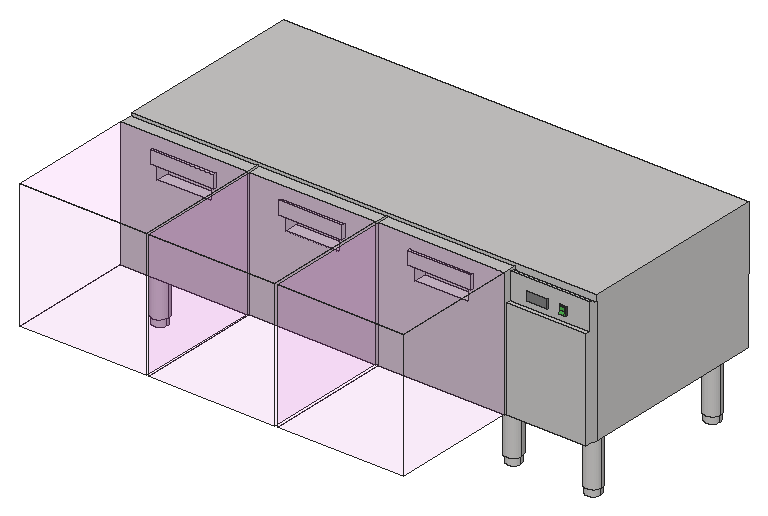
Revit family "QF_ELECTROLUXPROFESSIONAL_371292_E7TTAECOMKN", category Specialty Equipment, Revit 2018 (continued)
Definition of nested family "01_Refrigerator"
  Lines and regions (mm)
    detail lines, in view "Ref. Level"
      curve 6: line (-30.311, 17.5, 0) -> (-40, 45.883, 0)
      curve 7: line (-59.736, 11.7, 0) -> (-30.311, 17.5, 0)
      curve 8: line (-30.311, -17.5, 0) -> (-59.736, -11.7, 0)
      curve 9: line (-40, -45.883, 0) -> (-30.311, -17.5, 0)
      curve 10: line (0, -35, 0) -> (-19.116, -56.873, 0)
      curve 11: line (19.116, -56.873, 0) -> (0, -35, 0)
      curve 12: line (30.311, -17.5, 0) -> (39.696, -44.992, 0)
      curve 13: line (58.812, -11.882, 0) -> (30.311, -17.5, 0)
      curve 14: line (30.311, 17.5, 0) -> (58.812, 11.882, 0)
      curve 15: line (39.696, 44.992, 0) -> (30.311, 17.5, 0)
      curve 16: spline (-200, 0, 0) -> (-193.185, -23.294, 0) -> (-173.205, -45, 0) -> (-141.421, -63.64, 0) -> (-100, -77.942, 0) -> (-51.764, -86.933, 0) -> (0, -90, 0) -> (51.764, -86.933, 0) -> (100, -77.942, 0) -> (141.421, -63.64, 0) -> (173.205, -45, 0) -> (193.185, -23.294, 0) -> (200, 0, 0) -> (193.185, 23.294, 0) -> (173.205, 45, 0) -> (141.421, 63.64, 0) -> (100, 77.942, 0) -> (51.764, 86.933, 0) -> (0, 90, 0) -> (-51.764, 86.933, 0) -> (-100, 77.942, 0) -> (-141.421, 63.64, 0) -> (-173.205, 45, 0) -> (-193.185, 23.294, 0) -> (-200, 0, 0)
Types (2, lengths in mm): name | URL | Manufacturer | Phase | Model | Description
  (no name) | 0 | 0 | 0 | 0 | 0
  Standard | "http://professional.electrolux.com" | "Electrolux Professional" | 1 | "E7TTAECOMKN" | "REFRIGERATED BASE WITH 3 DRAWERS 1600MM - R290"
